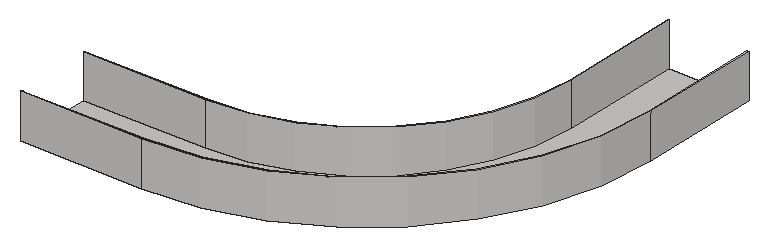
Revit family "S4R_OBO BETTERMANN_CableTray_Bend_Horizontal_WRB FT", category Cable Tray Fittings, Revit 2012
Parameters
  Wholesaler art.no. = ""
  Wholesaler = ""
  Watermarked By = "www.stabiplan.com"
  WIDTH2 [instance] = WIDTH1  # 200 mm
  WIDTH1 [instance] = 200 mm
  VERSION = "91900"  # constant formula
  URL = "www.stabiplan.com"
  built-in parameter 1140111 [instance] = 2.6 mm
  TYPE [instance] = "WRB FT"  # constant formula
  StabiCAD_PM = ""
  Safe_Half_Width2 [instance] = if(not([built-in parameter 1140115] > Half_Width2), [built-in parameter 1140115] - 0.2 mm, Half_Width2)  # 100 mm
  Safe_Half_Width1 [instance] = if(not([built-in parameter 1140115] > Half_Width1), [built-in parameter 1140115] - 0.2 mm, Half_Width1)  # 100 mm
  Manufacturer = "OBO BETTERMANN"  # constant formula
  Lmin [instance] = if(LENGTH1 > LENGTH2, LENGTH2, LENGTH1) - L2_Tail  # 600 mm
  PRODUCTLINE [instance] = "OBO BETTERMANN CableTrays"  # constant formula
  LENGTH2 [instance] = if(and(WIDTH1 = 200 mm, HEIGHT1 = 110 mm, ANGLE2 = 90.00°), 900 mm, if(and(WIDTH1 = 300 mm, HEIGHT1 = 110 mm, ANGLE2 = 90.00°), 950 mm, if(and(WIDTH1 = 400 mm, HEIGHT1 = 110 mm, ANGLE2 = 90.00°), 1000 mm, if(and(WIDTH1 = 500 mm, HEIGHT1 = 110 mm, ANGLE2 = 90.00°), 1050 mm, if(and(WIDTH1 = 600 mm, HEIGHT1 = 110 mm, ANGLE2 = 90.00°), 1100 mm, if(and(WIDTH1 = 200 mm, HEIGHT1 = 160 mm, ANGLE2 = 90.00°), 900 mm, if(and(WIDTH1 = 300 mm, HEIGHT1 = 160 mm, ANGLE2 = 90.00°), 950 mm, if(and(WIDTH1 = 400 mm, HEIGHT1 = 160 mm, ANGLE2 = 90.00°), 1000 mm, if(and(WIDTH1 = 500 mm, HEIGHT1 = 160 mm, ANGLE2 = 90.00°), 1050 mm, if(and(WIDTH1 = 600 mm, HEIGHT1 = 160 mm, ANGLE2 = 90.00°), 1100 mm, 300 mm + WIDTH1))))))))))  # 900 mm
  LENGTH1 [instance] = if(and(WIDTH1 = 200 mm, HEIGHT1 = 110 mm, ANGLE2 = 90.00°), 900 mm, if(and(WIDTH1 = 300 mm, HEIGHT1 = 110 mm, ANGLE2 = 90.00°), 950 mm, if(and(WIDTH1 = 400 mm, HEIGHT1 = 110 mm, ANGLE2 = 90.00°), 1000 mm, if(and(WIDTH1 = 500 mm, HEIGHT1 = 110 mm, ANGLE2 = 90.00°), 1050 mm, if(and(WIDTH1 = 600 mm, HEIGHT1 = 110 mm, ANGLE2 = 90.00°), 1100 mm, if(and(WIDTH1 = 200 mm, HEIGHT1 = 160 mm, ANGLE2 = 90.00°), 900 mm, if(and(WIDTH1 = 300 mm, HEIGHT1 = 160 mm, ANGLE2 = 90.00°), 950 mm, if(and(WIDTH1 = 400 mm, HEIGHT1 = 160 mm, ANGLE2 = 90.00°), 1000 mm, if(and(WIDTH1 = 500 mm, HEIGHT1 = 160 mm, ANGLE2 = 90.00°), 1050 mm, if(and(WIDTH1 = 600 mm, HEIGHT1 = 160 mm, ANGLE2 = 90.00°), 1100 mm, 300 mm + WIDTH1))))))))))  # 900 mm
  L2_Tail [instance] = 300 mm  # constant formula
  L1_Tail [instance] = 300 mm  # constant formula
  Internal art.no. = ""
  ISCUSTOM [instance] = if(and(WIDTH1 = 200 mm, HEIGHT1 = 110 mm, ANGLE2 = 90.00°), 1 = 0, if(and(WIDTH1 = 300 mm, HEIGHT1 = 110 mm, ANGLE2 = 90.00°), 1 = 0, if(and(WIDTH1 = 400 mm, HEIGHT1 = 110 mm, ANGLE2 = 90.00°), 1 = 0, if(and(WIDTH1 = 500 mm, HEIGHT1 = 110 mm, ANGLE2 = 90.00°), 1 = 0, if(and(WIDTH1 = 600 mm, HEIGHT1 = 110 mm, ANGLE2 = 90.00°), 1 = 0, if(and(WIDTH1 = 200 mm, HEIGHT1 = 160 mm, ANGLE2 = 90.00°), 1 = 0, if(and(WIDTH1 = 300 mm, HEIGHT1 = 160 mm, ANGLE2 = 90.00°), 1 = 0, if(and(WIDTH1 = 400 mm, HEIGHT1 = 160 mm, ANGLE2 = 90.00°), 1 = 0, if(and(WIDTH1 = 500 mm, HEIGHT1 = 160 mm, ANGLE2 = 90.00°), 1 = 0, if(and(WIDTH1 = 600 mm, HEIGHT1 = 160 mm, ANGLE2 = 90.00°), 1 = 0, 1 = 1))))))))))  # no
  IFCExportType = ""
  IFCExportAs = ""
  Half_Width2 [instance] = WIDTH2 / 2  # 100 mm
  Half_Width1 [instance] = WIDTH1 / 2  # 100 mm
  HEIGHT2 [instance] = HEIGHT1  # 110 mm
  HEIGHT1 [instance] = 110 mm
  GTINNUMBER [instance] = if(and(WIDTH1 = 200 mm, HEIGHT1 = 110 mm, ANGLE2 = 90.00°), "4012196352159", if(and(WIDTH1 = 300 mm, HEIGHT1 = 110 mm, ANGLE2 = 90.00°), "4012196352210", if(and(WIDTH1 = 400 mm, HEIGHT1 = 110 mm, ANGLE2 = 90.00°), "4012196624737", if(and(WIDTH1 = 500 mm, HEIGHT1 = 110 mm, ANGLE2 = 90.00°), "4012196352272", if(and(WIDTH1 = 600 mm, HEIGHT1 = 110 mm, ANGLE2 = 90.00°), "4012196352333", if(and(WIDTH1 = 200 mm, HEIGHT1 = 160 mm, ANGLE2 = 90.00°), "4012196335534", if(and(WIDTH1 = 300 mm, HEIGHT1 = 160 mm, ANGLE2 = 90.00°), "4012196656417", if(and(WIDTH1 = 400 mm, HEIGHT1 = 160 mm, ANGLE2 = 90.00°), "4012196656479", if(and(WIDTH1 = 500 mm, HEIGHT1 = 160 mm, ANGLE2 = 90.00°), "4012196656530", if(and(WIDTH1 = 600 mm, HEIGHT1 = 160 mm, ANGLE2 = 90.00°), "4012196656592", "Unknown"))))))))))  # "4012196352159"
  ETIM article class = ""
  Description = "Horizontal CableTray Bend"
  DEEPLINK = "http://catalog1.obo-bettermann.com/catalogue/catalogue.do?forward=showProductGroup&act=showIO&favOid=kts_22113&action=showManyProducts&lang=de&OID=kts_22113&catId="
  Copyright = "© Stabiplan BV / Stabiplan International BV"  # constant formula
  CT2 [instance] = 1
  CT1 [instance] = 1
  BodyColor = Steel
  built-in parameter 1140115 [instance] = Lmin / tan(ANGLE2 / 2)  # 600 mm
  ARTICLENUMBER [instance] = if(and(WIDTH1 = 200 mm, HEIGHT1 = 110 mm, ANGLE2 = 90.00°), "6098344", if(and(WIDTH1 = 300 mm, HEIGHT1 = 110 mm, ANGLE2 = 90.00°), "6098348", if(and(WIDTH1 = 400 mm, HEIGHT1 = 110 mm, ANGLE2 = 90.00°), "6098352", if(and(WIDTH1 = 500 mm, HEIGHT1 = 110 mm, ANGLE2 = 90.00°), "6098356", if(and(WIDTH1 = 600 mm, HEIGHT1 = 110 mm, ANGLE2 = 90.00°), "6098360", if(and(WIDTH1 = 200 mm, HEIGHT1 = 160 mm, ANGLE2 = 90.00°), "6098730", if(and(WIDTH1 = 300 mm, HEIGHT1 = 160 mm, ANGLE2 = 90.00°), "6098734", if(and(WIDTH1 = 400 mm, HEIGHT1 = 160 mm, ANGLE2 = 90.00°), "6098738", if(and(WIDTH1 = 500 mm, HEIGHT1 = 160 mm, ANGLE2 = 90.00°), "6098742", if(and(WIDTH1 = 600 mm, HEIGHT1 = 160 mm, ANGLE2 = 90.00°), "6098746", "Unknown"))))))))))  # "6098344"
  ARTICLEDESCRIPTION [instance] = "Horizontal CableTray Bend"
  ANGLE2 [instance] = 90.00°
Reference planes
  plane 1 "Center (Front/Back)": y = 0
  plane 2: z = 0
  plane 3 "Center (Left/Right)": x = 0
  plane 4: y = 600
  plane 5: x = -600
Forms (mm)
  Sweep 1, solid, material "Steel" <- "BodyColor", detail levels medium
    path in 3D
      loop
        line (-600, 0, 0) -> (-900, 0, 0)
    profile origin (-750, 0, 0) x (0, -1, 0) y (0, 0, 1)
      loop
        line (-100, 55) -> (-100, -55) -> (100, -55) -> (100, 55) -> (-100, 55)
  Sweep 2, solid, material "Steel" <- "BodyColor", detail levels medium
    path in 3D
      loop
        line (0, 600, 0) -> (0, 900, 0)
    profile origin (0, 750, 0) x (-1, 0, 0) y (0, 0, 1)
      loop
        line (100, -55) -> (100, 55) -> (-100, 55) -> (-100, -55) -> (100, -55)
  SweptBlend 3, solid, material "Steel" <- "BodyColor", detail levels medium
    path in 3D
      loop
        arc (-600, 0, 0) -> (-175.736, 175.736, 0) -> (0, 600, 0) r 600
    profile origin (-600, 0, 0) x (0, 1, 0) y (0, 0, 1)
      loop
        line (100, 55) -> (-100, 55) -> (-100, -55) -> (100, -55) -> (100, 55)
    end profile origin (0, 600, 0) x (-1, 0, 0) y (0, 0, 1)
      loop
        line (100, 55) -> (-100, 55) -> (-100, -55) -> (100, -55) -> (100, 55)
  Sweep 4, solid, material "Steel" <- "BodyColor", detail levels fine
    path in 3D
      loop
        line (-600, 0, 0) -> (-900, 0, 0)
    profile origin (-750, 0, 0) x (0, -1, 0) y (0, 0, 1)
      loop
        line (-100, 55) -> (-100, -55) -> (100, -55) -> (100, 55) -> (97.4, 55) -> (97.4, -52.4) -> (-97.4, -52.4) -> (-97.4, 55) -> (-100, 55)
  Sweep 5, solid, material "Steel" <- "BodyColor", detail levels fine
    path in 3D
      loop
        line (0, 600, 0) -> (0, 900, 0)
    profile origin (0, 750, 0) x (-1, 0, 0) y (0, 0, 1)
      loop
        line (-100, 55) -> (-100, -55) -> (100, -55) -> (100, 55) -> (97.4, 55) -> (97.4, -52.4) -> (-97.4, -52.4) -> (-97.4, 55) -> (-100, 55)
  SweptBlend 6, solid, material "Steel" <- "BodyColor", detail levels fine
    path in 3D
      loop
        arc (-600, 0, 0) -> (-175.736, 175.736, 0) -> (0, 600, 0) r 600
    profile origin (-600, 0, 0) x (0, 1, 0) y (0, 0, 1)
      loop
        line (100, 55) -> (97.4, 55) -> (97.4, -52.4) -> (-97.4, -52.4) -> (-97.4, 55) -> (-100, 55) -> (-100, -55) -> (100, -55) -> (100, 55)
    end profile origin (0, 600, 0) x (-1, 0, 0) y (0, 0, 1)
      loop
        line (100, 55) -> (97.4, 55) -> (97.4, -52.4) -> (-97.4, -52.4) -> (-97.4, 55) -> (-100, 55) -> (-100, -55) -> (100, -55) -> (100, 55)
Cuts and joins
  joined: Sweep 1, Sweep 2, SweptBlend 3
  joined: Sweep 4, Sweep 5, SweptBlend 6
Lines and regions (mm)
  reference lines
    curve 1: line (-600, 600, 0) -> (-600, 0, 0)
    curve 2: line (-600, 0, 0) -> (0, 0, 0)
    curve 3: line (0, 0, 0) -> (0, 600, 0)
    curve 4: line (0, 600, 0) -> (-600, 600, 0)
    curve 5: arc (-600, 0, 0) -> (-175.736, 175.736, 0) -> (0, 600, 0) r 600
    curve 6: line (-600, 0, 0) -> (-900, 0, 0)
    curve 7: line (0, 600, 0) -> (0, 900, 0)
  model lines, detail levels coarse
    curve 8: line (-1149, 0, 0) -> (-1150, 0, 0)
    curve 9: line (-49, 850, 0) -> (-49, 851, 0)
  sketch lines
    curve 10: line (-600, 0, 0) -> (-900, 0, 0)
    curve 11: line (0, 600, 0) -> (0, 900, 0)
    curve 12: arc (-600, 0, 0) -> (-175.736, 175.736, 0) -> (0, 600, 0) r 600
    curve 13: line (-600, 0, 0) -> (-900, 0, 0)
    curve 14: line (0, 600, 0) -> (0, 900, 0)
    curve 15: arc (-600, 0, 0) -> (-175.736, 175.736, 0) -> (0, 600, 0) r 600
  model lines, style "Coarse", detail levels coarse
    curve 16: line (-600, 0, 0) -> (-900, 0, 0)
    curve 17: arc (-600, 0, 0) -> (-175.736, 175.736, 0) -> (0, 600, 0) r 600
    curve 18: line (0, 600, 0) -> (0, 900, 0)
Dimensions and locks
  "Lmin": plane 5 to plane 3 "Center (Left/Right)"
  "built-in parameter 1140115": plane 4 to plane 1 "Center (Front/Back)"
  "built-in parameter 1140115": curve 4 to curve 4
  "built-in parameter 1140115": plane 1 "Center (Front/Back)" to curve 1
  "L1_Tail": curve 6 to curve 6
  "L2_Tail": curve 7 to curve 7
  equal spacing: Sweep 1 sketch curve, profile plane, Sweep 1 sketch curve  (x2)
  "WIDTH1": Sweep 1 sketch curve to Sweep 1 sketch curve
  "HEIGHT1": Sweep 1 sketch curve to Sweep 1 sketch curve
  equal spacing: Sweep 2 sketch curve, profile plane, Sweep 2 sketch curve  (x2)
  "WIDTH2": Sweep 2 sketch curve to Sweep 2 sketch curve
  "HEIGHT2": Sweep 2 sketch curve to Sweep 2 sketch curve
  equal spacing: SweptBlend 3 sketch curve, profile plane, SweptBlend 3 sketch curve  (x2)
  "HEIGHT1": SweptBlend 3 sketch curve to SweptBlend 3 sketch curve
  "HEIGHT2": SweptBlend 3 sketch curve to SweptBlend 3 sketch curve
  equal spacing: Sweep 4 sketch curve, profile plane, Sweep 4 sketch curve  (x3)
  "HEIGHT1": Sweep 4 sketch curve to Sweep 4 sketch curve
  "WIDTH1": Sweep 4 sketch curve to Sweep 4 sketch curve
  "built-in parameter 1140111": Sweep 4 sketch curve to Sweep 1  (x2)
  "built-in parameter 1140111": Sweep 1 to Sweep 4 sketch curve
  equal spacing: Sweep 5 sketch curve, profile plane, Sweep 5 sketch curve  (x3)
  "HEIGHT2": Sweep 5 sketch curve to Sweep 5 sketch curve
  "WIDTH2": Sweep 5 sketch curve to Sweep 5 sketch curve
  "built-in parameter 1140111": Sweep 5 sketch curve to Sweep 5 sketch curve  (x3)
  "built-in parameter 1140111": SweptBlend 6 sketch curve to SweptBlend 6 sketch curve  (x6)
  equal spacing: SweptBlend 6 sketch curve, profile plane, SweptBlend 6 sketch curve  (x4)
  "HEIGHT1": SweptBlend 6 sketch curve to SweptBlend 6 sketch curve
  "HEIGHT2": SweptBlend 6 sketch curve to SweptBlend 6 sketch curve
  "Safe_Half_Width1": profile plane to SweptBlend 6 sketch curve
  "Half_Width1": SweptBlend 6 sketch curve to profile plane
  "Safe_Half_Width2": SweptBlend 6 sketch curve to profile plane
  "Half_Width2": profile plane to SweptBlend 6 sketch curve
  "Safe_Half_Width1": profile plane to SweptBlend 3 sketch curve
  "Half_Width1": SweptBlend 3 sketch curve to profile plane
  "Safe_Half_Width2": SweptBlend 3 sketch curve to profile plane
  "Half_Width2": profile plane to SweptBlend 3 sketch curve
  "built-in parameter 1140115": radius of curve 5
  "ANGLE2": angle plane 5 to curve 4
  locked: curve 7 to curve 4 (angle 90.00°)
  "ANGLE2": angle plane 1 "Center (Front/Back)" to curve 18
  aligned and locked: level to plane 2
  aligned and locked: plane 1 "Center (Front/Back)" to curve 2  (x2)
  aligned and locked: plane 3 "Center (Left/Right)" to curve 2
  aligned and locked: curve 1 to plane 5
  aligned and locked: curve 17 to curve 5
  aligned and locked: SweptBlend 3 to curve 18
  aligned and locked: Sweep 2 to curve 18
Automatic sketch dimensions
  plane 1 "Center (Front/Back)" to curve 8 = 0 mm
  curve 8 to curve 16 = 249 mm
  curve 8 to curve 8 = 1 mm
  curve 9 to plane 3 "Center (Left/Right)" = 49 mm
  plane 4 to curve 9 = 250 mm
  curve 9 to curve 9 = 1 mm
  curve 16 to plane 5 = 300 mm
Connectors
  cabletrayconduit at (-900, 0, 0), driven by "HEIGHT1", driven by "WIDTH1", driven by "ANGLE2"
    settings: on Sweep 1, index 1, connector width 200 mm, connector height 110 mm, connector radius 300 mm, connector angle 90.00°, system type 32, placement type 0, profile type 1, connector reference index 2, is primary connector yes, connector utility param no, connector description ""
  cabletrayconduit at (0, 900, 0), driven by "ANGLE2", driven by "HEIGHT2", driven by "WIDTH2"
    settings: on Sweep 2, index 2, connector width 200 mm, connector height 110 mm, connector radius 300 mm, connector angle 90.00°, system type 32, placement type 0, profile type 1, connector reference index 1, is primary connector no, connector utility param no, connector description ""
